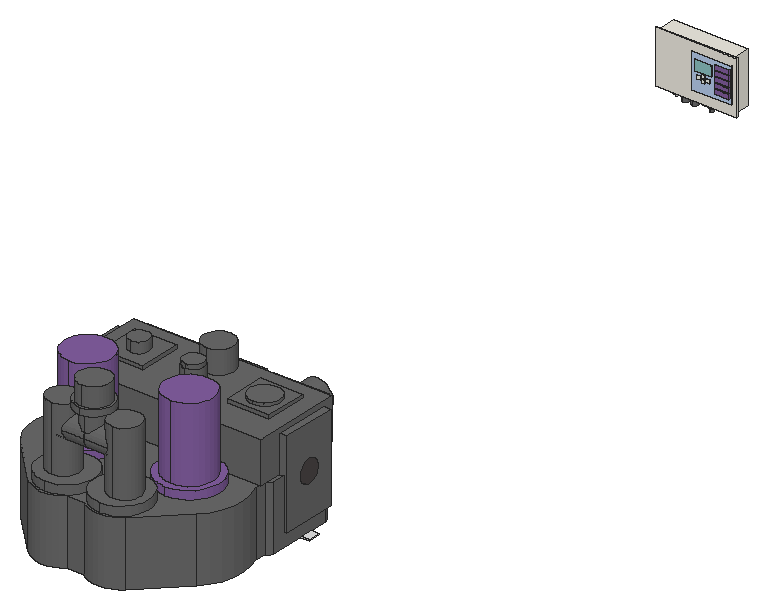
Revit family "11605", category Generic Models, Revit 2021
Family settings
  Can host rebar = No
  Round Connector Dimension = Use Diameter
  Part Type = Normal
  Work Plane-Based = No
  Always vertical = Yes
  Cut with Voids When Loaded = No
  Shared = Yes
  Room Calculation Point = No
Parameters (values of type "11605")
  SUPPLIER = "KESSEL"
  SA700ID50 = "nein"
  SA700ID49 = "Protection Class I"
  SA700ID48 = "no"
  SA700ID47 = "no"
  SA700ID46 = "yes"
  SA700ID37 = 7000 mm
  SA700ID34 = 38
  SA700ID33 = 1.6 W
  SA700ID32 = 58.83 kg
  SA700ID31 = 1
  SA700ID30 = 2
  SA700ID29 = "RWDR"
  SA700ID21 = 700
  SA700ID10 = "No"
  SA700ID08 = 230 V
  PROCUREWEBLINK = "https://p.caden.as/kessel/11605"
  PROCURELINK = "p.caden.as/kessel/11605"
  PROCUREDATALASTUPDATE = "2024-05-22T12:17:39.42912391+01:00"
  PRC_SPECIFICATIONLINK = "https://ausschreiben.de/catalog/kessel/catalogItem/cf7241c0-7705-4077-83ba-ad6c939155d5"
  NN = "Lifting station Aqualift F"
  NBSYN = "$SA810ID03."
  NB = "11605"
  Model = "11605"
  Manufacturer = "KESSEL"
  MIdent = "{$CADENAS_DATA/23d-libs/kessel/kessel_vdi_import/4/entwaesserung/hebeanlage20aqualift20f.prj},198 {STYP=ASS},{VTYP=3D},{NB=11605},{LINA=11605},{NN=Lifting station Aqualift F},{DATE=21.11.2022 10:45:45},{GEOMDATE=21.11.2022 10:45:45},{VERSION=},{LINEID=130},{WBVAR=LODLEVEL},{WBNUMERIC=LODLEVEL}  {NB=11605},{LINA=11605},{KT=DUMMY},{PREVIEW=../../bilder/ksb_w_11605.png},{SA700ID04=Hebeanlage Aqualift F Duo, Comfort, SPF 1400-S1},{SA810ID06=04026092071038},{SA700ID34=38.00},{SA010ID03=201805},{SA810ID03=11605},{SA810ID10=Die Hebeanlage für fäkalienhaltiges und fäkalienfreies Abwasser ist mit zwei überflutbaren Pumpen sowie einem Rückflussverhinderer ausgestattet. Der Sammelbehälter aus dauerhaft beständigem Kunststoff (PE) bietet universale Anschlussmöglichkeiten und hat eine verschraubte Reinigungsöffnung.Die Steuerung erfolgt durch ein anwenderfreundliches Schaltgerät, das optional über einen potentialfreien Kontakt in die Gebäudeleittechnik eingebunden werden oder Alarm- und Sammelstörmeldungen über eine GSM-Schnittstelle (Comfort Schaltgerät) ausgeben kann.Ausführung:Absperreinrichtung: ohne SchieberAnlagenart: DoppelanlagePumpensteuerung: SchaltgerätRückflussverhinderer: integriertSchalldämmmatte: jaEinbausituation: freie AufstellungAbwasserart: fäkalienhaltigAllgemeine Merkmale:Farbe: schwarzNorm: EN 12050-1Abmessungen:Länge: 773 mmBreite: 780 mmHöhe: 539 mmBehälter/Grundkörper:Zulauf Anzahl: 2 STZulauf Nennweite (DN): 100 mmZulauf Nennweite (DA): 110 mmZulauf max. Anbohrung (DN): 150 mmAbstand Rohrsohle Zulauf zu Behälterboden: 245 mmAbstand Rohrmitte Zulauf zu Behälterboden: 300 mmAnschluss für Handmembranpumpe (DN): 32Behältervolumen: 120 lDruckabgang: senkrechtDruckabgang (DA): 110 mmDruckabgang (DN): 100 mmEntlüftungsanschluss (DN): 70 mmNutzvolumen: 50 lFreier Kugeldurchgang: 40 mmFördereinrichtung:Pumpe: SPF 1400Anzahl Pumpen: 2Förderhöhe max.: 7 mFörderleistung max.: 38 m3/hBetriebsart: S1Leistung P1: 1,6 kWLeistung P2: 1,1 kWDrehzahl: 1.420 U/minFörderguttemperatur (dauerhaft) max.: 40 °CAnschlusstyp: codierter SteckerGewicht: 28 kgLaufrad Typ: FreistromradLänge Netzanschlussleitung Pumpe: 5 mNennstrom: 7,3 ASchutzart Pumpe: IP 68 (3m/48h)Schutzklasse: ITyp Anschlussleitung Pumpe: H07RN-F 3G 1,0 mm2Temperaturüberwachung: integriertSteuerung:Schaltgerät: ComfortBetriebsspannung: 230 VNetzfrequenz: 50 HzSelbstdiagnosesystem (SDS): jaBatteriepufferung: jaMehrzeilige Displayanzeige: jaLogbuchfunktion: jaUSB-Schnittstelle: jaGSM-Schnittstelle: jaPotentialfreier Kontakt: optionalErforderliche Absicherung (Leitungsschutz): C 16 ASchutzart Schaltgerät: IP 54Länge Netzanschlussleitung Schaltgerät: 1,4 mArt Niveauerfassung: pneumatischInstrument Niveauerfassung: Tauchrohr mit DruckwächterAlarmgeber: Tauchrohr},{SA700ID37=7.00},{SA700ID33=1.60},{SA700ID08=230},{SA700ID30=2},{SA700ID32=58.83},{SA700ID49=Schutzklasse I},{SA700ID50=nein},{SA200ID03=6},{SA250ID03=vertikal},{SA260ID03=Trockenläuferpumpe},{SA350ID03=normalansaugend},{SA400ID03=E-Motor für Wechselstrom},{SA460ID03=direkt},{SA500ID03=Kunststoff, Edelstahl},{SA700ID06=100},{SA700ID07=100},{SA700ID09=1/N/PE 230V},{SA700ID10=Nein},{SA700ID11=50},{SA700ID12=IP 68},{SA700ID13=F},{SA700ID15=40},{SA700ID21=700.00},{SA700ID22=1.10},{SA700ID23=1420},{SA700ID24=1420},{SA700ID26=7.30},{SA700ID27=23.00},{SA700ID28=durchgehend},{SA700ID29=RWDR},{SA700ID31=1},{SA700ID46=ja},{SA700ID47=nein},{SA700ID48=nein},{SA110ID04=Hebeanlage Aqualift F},{SA300ID03=einstufig},{SA700ID44=10.00},{SA700ID45=10.00},{SA010ID04=KESSEL AG},{LODLEVEL=200},{LINK=https://www.kessel.de/info?han=11605},{SA970ID01=970},{SA970ID02=7036},{SA970ID03=11605},{SA970ID04=11002617},{SA970ID05=QUAD},{SA970ID06=-410},{SA970ID07=-678},{SA970ID08=0},{SA970ID09=1},{SA970ID10=0},{SA970ID11=0},{SA970ID12=0},{SA970ID13=1},{SA970ID14=0},{SA970ID15=819.98999},{SA970ID16=843},{SA970ID17=600},{LODLEVEL_=200,'Low'},{LODLEVEL_DEU=200,'Low'},{LINK_=https://www.kessel.de/info?han=11605},{LINK_DEU=https://www.kessel.de/info?han=11605},{LODLEVEL_3DB=11605_200},{DNIN1=100},{DNIN2=70},{DNIN3=10},{DNIN4=10},{DNIN5=10},{DNIN6=50},{DNIN7=50},{DNIN8=50},{DNIN9=50},{DNOUT1=100},{DNOUT2=70},{DNOUT3=32},{ISDIN1=75},{ISDIN2=83.200},{ISDIN3=10},{ISDOUT1=70.000},{ISDOUT2=73.200},{ISDOUT3=75},{SA010ID01=010},{SA010ID02=4},{SA010ID06=www.kessel.de},{SA010ID07=www.kessel.de},{SA010ID12=20180713},{SA010ID13=DEU},{SA010ID14=DE},{SA100ID01=100},{SA100ID02=4},{SA100ID04=Entwässerung},{SA110ID01=110},{SA110ID02=4},{SA200ID01=200},{SA200ID02=6},{SA250ID01=250},{SA250ID02=2},{SA260ID01=260},{SA260ID02=2},{SA300ID01=300},{SA300ID02=1},{SA350ID01=350},{SA350ID02=1},{SA400ID01=400},{SA400ID02=1},{SA460ID01=460},{SA460ID02=1},{SA500ID01=500},{SA500ID02=1},{SA700ID01=700},{SA700ID02=6},{SA700ID10_=0},{SA700ID16=0},{SA700ID25=0},{SA700ID46_=1},{SA700ID47_=0},{SA700ID48_=0},{SA700ID49_=1},{SA700ID50_=0},{SA800ID01=800},{SA800ID02=6},{SA810ID01=810},{SA810ID02=6},{SA810ID04=11605},{SA810ID07=6},{SA810ID09=1},{SA810ID14=PCE},{SA810ID15=1},{SA810ID16=NMP},{SA960ID03=6},{SA960ID04=3L},{SA960ID08=https://www.kessel.de/info?han=11605},{SA010ID08=4026092000007},{SA100ID05=Hebeanlage},{SA110ID06=Hebeanlage}"
  LINK = "https://www.kessel.de/info?han=11605"
  LINA = "11605"
  Default Elevation = 0 mm
  CREATOR = "CADENAS GmbH"
  CATALOG = "KESSEL"
  BOMINFO = "LINA"
  ARTICLENO = "NB"
  4.810.00.9 Order quantity (multiplicator) = "1"
  4.810.00.7 Media- connection number = "6"
  4.810.00.6 GTIN number = "04026092071038"
  4.810.00.4 DATANORM number = "11605"
  4.810.00.3 Producer order number = "11605"
  4.710.03.7 Mass (net) = 58.83 kg
  4.710.03.6 Height = 539 mm
  4.710.03.5 Width = 780 mm
  4.710.03.4 Length = 773 mm
  4.710.03.3 Type of dimensions = "2"
  4.710.02.8 Area of application of wastewater pump = "1"
  4.710.02.6 Duty type = "S1"
  4.710.02.5 Cutting device = "0"
  4.710.02.4 Attached pump control = "1"
  4.710.02.3 Free passage = 40 mm
  4.710.01.6 Option to connect to building automation = "40"
  4.710.01.5 Load regulation = "0"
  4.710.01.4 Designation of closed-loop control = "50"
  4.710.01.3 Identifier for closed-loop control = "120"
  4.700.00.9 Voltage = 0
  4.700.00.8 Nominal connection size on suction side = "100"
  4.700.00.7 Nominal connection size on pressure side = "100"
  4.700.00.6 Type of connection = "100"
  4.700.00.4 Product indentification = "Hebeanlage Aqualift F Duo, Comfort, SPF 1400-S1"
  4.700.00.28 Motor pump shaft = "durchgehend"
  4.700.00.27 Starting current = 23
  4.700.00.26 Maximum power consumption per pump / drive = 7.3
  4.700.00.25 Minimum speed at internal speed adjustment = 0
  4.700.00.24 Nominal speed / maximum speed n = 23.6667
  4.700.00.23 Nominal speed of motor = 23.6667
  4.700.00.22 Maximum shaft output (P2) per pump/drive = 1.1 W
  4.700.00.16 Maximum temperature of pumped medium = 0 °C
  4.700.00.15 Increased safety class = "40 °C"
  4.700.00.13 Type of protection = "F"
  4.700.00.12 Frequency = 0
  4.700.00.11 Stern-/Dreieck-Anlaufschaltung bei Dreiphasenanschluss oder Drehstrom = "50 Hz"
  4.700.00.10 Phase = "0"
  4.500.00.3 Variant / Variant type / Accessories-name = "Kunststoff, Edelstahl"
  4.460.00.3 Variant / Variant type / Accessories-name = "direkt"
  4.400.00.3 Variant / Variant type / Accessories-name = "E-Motor für Wechselstrom"
  4.350.00.3 Variant / Variant type / Accessories-name = "normalansaugend"
  4.300.00.3 Variant / Variant type / Accessories-name = "einstufig"
  4.260.00.3 Variant / Variant type / Accessories-name = "Trockenläuferpumpe"
  4.250.00.3 Variant / Variant type / Accessories-name = "vertikal"
  4.200.00.3 Variant / Variant type / Accessories-name = "6"
  4.110.00.6 Product classification = "Hebeanlage"
  4.110.00.4 Product indentification = "Hebeanlage Aqualift F"
  4.100.00.5 Main groups of wares = "Hebeanlage"
  4.100.00.4 Product indentification = "Entwässerung"
  4.010.00.8 Producer ID number = "4026092000007"
  4.010.00.7 Comment = "www.kessel.de"
  4.010.00.6 Web address of the manufacturer = "www.kessel.de"
  4.010.00.4 Manufacturer name = "KESSEL AG"
  4.010.00.3 Date of issuance (month) of guideline = "201805"
  4.010.00.2 Sheet number of the guideline = "4"
  4.010.00.14 Kennungen der Projektländer, für die die Datei gültig ist = "DE"
  4.010.00.13 Sprache der Datei = "DEU"
  4.010.00.12 Stand des Herstellerkatalogs = "20180713"
Reference planes
  plane 1 "Center (Front/Back)": y = 0
  plane 2: z = 0
  plane 3 "Center (Left/Right)": x = 0
Dimensions and locks
  aligned and locked: level to plane 2
Nested families
  nested 1: "11605_content" at (0, 0, 0), type "11605_Content"
  nested 2: "11605_part1_X0Y0" at (1000, 1000, 1200), type "11605_PART1_X0Y0"
  nested 3: "11605_part2_X0Y0" at (0, 0, 0), type "11605_PART2_X0Y0"
Connectors
  electrical at (896, 972.5, 1160.5)
    settings: on nested 2, index 1, voltage 230 V, apparent load 0 VA, apparent load phase1 0 VA, apparent load phase2 0 VA, apparent load phase3 0 VA, power factor 1, load classification "Other", number of poles 3, system type 31, power factor state 1, is connector primary yes, connector utility no, sub classification motor no, connector description ""
  electrical at (930, 972.5, 1157.9)
    settings: on nested 2, index 2, voltage 0 V, apparent load 0 VA, apparent load phase1 0 VA, apparent load phase2 0 VA, apparent load phase3 0 VA, power factor 1, load classification "Other", number of poles 1, system type 31, power factor state 1, is connector primary no, connector utility no, sub classification motor no, connector description ""
  electrical at (964, 972.5, 1157.9)
    settings: on nested 2, index 3, voltage 0 V, apparent load 0 VA, apparent load phase1 0 VA, apparent load phase2 0 VA, apparent load phase3 0 VA, power factor 1, load classification "Other", number of poles 1, system type 31, power factor state 1, is connector primary no, connector utility no, sub classification motor no, connector description ""
  electrical at (1002, 972.5, 1170.2)
    settings: on nested 2, index 4, voltage 0 V, apparent load 0 VA, apparent load phase1 0 VA, apparent load phase2 0 VA, apparent load phase3 0 VA, power factor 1, load classification "Other", number of poles 1, system type 31, power factor state 1, is connector primary no, connector utility no, sub classification motor no, connector description ""
  electrical at (1026, 972.5, 1155.55)
    settings: on nested 2, index 5, voltage 0 V, apparent load 0 VA, apparent load phase1 0 VA, apparent load phase2 0 VA, apparent load phase3 0 VA, power factor 1, load classification "Other", number of poles 1, system type 31, power factor state 1, is connector primary no, connector utility no, sub classification motor no, connector description ""
  electrical at (1054, 972.5, 1198.5)
    settings: on nested 2, index 6, voltage 0 V, apparent load 0 VA, apparent load phase1 0 VA, apparent load phase2 0 VA, apparent load phase3 0 VA, power factor 1, load classification "Other", number of poles 1, system type 31, power factor state 1, is connector primary no, connector utility no, sub classification motor no, connector description ""
  electrical at (1082, 972.5, 1198.5)
    settings: on nested 2, index 7, voltage 0 V, apparent load 0 VA, apparent load phase1 0 VA, apparent load phase2 0 VA, apparent load phase3 0 VA, power factor 1, load classification "Other", number of poles 1, system type 31, power factor state 1, is connector primary no, connector utility no, sub classification motor no, connector description ""
  piping at (230, 164.99, 301), diameter 100
    settings: on nested 3, index 8, connector inside diameter 609.6 mm, connector length 0 mm, flow factor 0, pipe flow 0.0 L/s, pressure drop 0.0 Pa, fitting loss kfactor 0, connector angle 0.00°, fixture units 0, engagement length 0 mm, angle of deflection 0.00°, flow configuration 0, flow direction 1, fitting loss method 2, system type 29, joint type 0, gender type 0, connector reference index -1, connector utility 0, adjustable connector no, is connector primary yes, connector description ""
  piping at (0, 0, 471), diameter 100
    settings: on nested 3, index 9, connector inside diameter 609.6 mm, connector length 0 mm, flow factor 0, pipe flow 0.0 L/s, pressure drop 0.0 Pa, fitting loss kfactor 0, connector angle 0.00°, fixture units 0, engagement length 0 mm, angle of deflection 0.00°, flow configuration 0, flow direction 1, fitting loss method 2, system type 29, joint type 0, gender type 0, connector reference index -1, connector utility 0, adjustable connector no, is connector primary no, connector description ""
  piping at (391.5, -74.999, 214), diameter 70
    settings: on nested 3, index 10, connector inside diameter 609.6 mm, connector length 0 mm, flow factor 0, pipe flow 0.0 L/s, pressure drop 0.0 Pa, fitting loss kfactor 0, connector angle 0.00°, fixture units 0, engagement length 0 mm, angle of deflection 0.00°, flow configuration 0, flow direction 0, fitting loss method 2, system type 29, joint type 0, gender type 0, connector reference index -1, connector utility 0, adjustable connector no, is connector primary no, connector description ""
  piping at (0.999, 96.5, 214), diameter 70
    settings: on nested 3, index 11, connector inside diameter 609.6 mm, connector length 0 mm, flow factor 0, pipe flow 0.0 L/s, pressure drop 0.0 Pa, fitting loss kfactor 0, connector angle 0.00°, fixture units 0, engagement length 0 mm, angle of deflection 0.00°, flow configuration 0, flow direction 0, fitting loss method 2, system type 29, joint type 0, gender type 0, connector reference index -1, connector utility 0, adjustable connector no, is connector primary no, connector description ""
  piping at (-230.25, 91.49, 214), diameter 70
    settings: on nested 3, index 12, connector inside diameter 609.6 mm, connector length 0 mm, flow factor 0, pipe flow 0.0 L/s, pressure drop 0.0 Pa, fitting loss kfactor 0, connector angle 0.00°, fixture units 0, engagement length 0 mm, angle of deflection 0.00°, flow configuration 0, flow direction 0, fitting loss method 2, system type 29, joint type 0, gender type 0, connector reference index -1, connector utility 0, adjustable connector no, is connector primary no, connector description ""
  piping at (-391.5, -75, 214), diameter 70
    settings: on nested 3, index 13, connector inside diameter 609.6 mm, connector length 0 mm, flow factor 0, pipe flow 0.0 L/s, pressure drop 0.0 Pa, fitting loss kfactor 0, connector angle 0.00°, fixture units 0, engagement length 0 mm, angle of deflection 0.00°, flow configuration 0, flow direction 0, fitting loss method 2, system type 29, joint type 0, gender type 0, connector reference index -1, connector utility 0, adjustable connector no, is connector primary no, connector description ""
  piping at (0, -568, 600), diameter 100
    settings: on nested 3, index 14, connector inside diameter 609.6 mm, connector length 0 mm, flow factor 0, pipe flow 0.0 L/s, pressure drop 0.0 Pa, fitting loss kfactor 0, connector angle 0.00°, fixture units 0, engagement length 0 mm, angle of deflection 0.00°, flow configuration 0, flow direction 2, fitting loss method 2, system type 29, joint type 0, gender type 0, connector reference index -1, connector utility 0, adjustable connector no, is connector primary no, connector description ""
  piping at (230, 164.99, 81.07), diameter 32
    settings: on nested 3, index 15, connector inside diameter 609.6 mm, connector length 0 mm, flow factor 0, pipe flow 0.0 L/s, pressure drop 0.0 Pa, fitting loss kfactor 0, connector angle 0.00°, fixture units 0, engagement length 0 mm, angle of deflection 0.00°, flow configuration 0, flow direction 2, fitting loss method 2, system type 29, joint type 0, gender type 0, connector reference index -1, connector utility 0, adjustable connector no, is connector primary no, connector description ""
  piping at (0, -115, 460.8), diameter 70
    settings: on nested 3, index 16, connector inside diameter 609.6 mm, connector length 0 mm, flow factor 0, pipe flow 0.0 L/s, pressure drop 0.0 Pa, fitting loss kfactor 0, connector angle 0.00°, fixture units 0, engagement length 0 mm, angle of deflection 0.00°, flow configuration 0, flow direction 2, fitting loss method 2, system type 29, joint type 0, gender type 0, connector reference index -1, connector utility 0, adjustable connector no, is connector primary no, connector description ""
  electrical at (185, -365, 537)
    settings: on nested 3, index 17, voltage 0 V, apparent load 0 VA, apparent load phase1 0 VA, apparent load phase2 0 VA, apparent load phase3 0 VA, power factor 1, load classification "Other", number of poles 1, system type 31, power factor state 1, is connector primary no, connector utility no, sub classification motor no, connector description ""
  electrical at (-185, -364.75, 537)
    settings: on nested 3, index 18, voltage 0 V, apparent load 0 VA, apparent load phase1 0 VA, apparent load phase2 0 VA, apparent load phase3 0 VA, power factor 1, load classification "Other", number of poles 1, system type 31, power factor state 1, is connector primary no, connector utility no, sub classification motor no, connector description ""
  electrical at (-230.6, -74.8, 436.49)
    settings: on nested 3, index 19, voltage 0 V, apparent load 0 VA, apparent load phase1 0 VA, apparent load phase2 0 VA, apparent load phase3 0 VA, power factor 1, load classification "Other", number of poles 1, system type 31, power factor state 1, is connector primary no, connector utility no, sub classification motor no, connector description ""
Definition of nested family "11605_part1_X0Y0"
  Parameters (values of type "11605_PART1_X0Y0")
    SUPPLIER = "KESSEL"
    SA700ID50 = "nein"
    SA700ID49 = "Protection Class I"
    SA700ID48 = "no"
    SA700ID47 = "no"
    SA700ID46 = "yes"
    SA700ID37 = 7000 mm
    SA700ID34 = 38
    SA700ID33 = 1.6 W
    SA700ID32 = 58.83 kg
    SA700ID31 = 1
    SA700ID30 = 2
    SA700ID29 = "RWDR"
    SA700ID21 = 700
    SA700ID10 = "No"
    SA700ID08 = 230 V
    NBSYN = "$SA810ID03._PART1"
    NB = "11605_PART1"
    Model = "11605_PART1"
    Manufacturer = "KESSEL"
    MIdent = "{$CADENAS_DATA/23d-libs/kessel/kessel_vdi_import/4/entwaesserung/hebeanlage20aqualift20f.prj},218 {VTYP=3D},{NB=11605_PART1},{LINA=11605_PART1},{NN=Lifting station Aqualift F_PART1},{NOPRJ=TRUE},{DATE=21.11.2022 10:45:45},{GEOMDATE=21.11.2022 10:45:45},{VERSION=},{LINEID=130},{WBVAR=LODLEVEL},{WBNUMERIC=LODLEVEL}  {NB=11605_PART1},{LINA=11605_PART1},{KT=DUMMY},{PREVIEW=../../bilder/ksb_w_11605.png},{SA700ID04=Hebeanlage Aqualift F Duo, Comfort, SPF 1400-S1},{SA810ID06=04026092071038},{SA700ID34=38.00},{SA010ID03=201805},{SA810ID03=11605},{SA810ID10=Die Hebeanlage für fäkalienhaltiges und fäkalienfreies Abwasser ist mit zwei überflutbaren Pumpen sowie einem Rückflussverhinderer ausgestattet. Der Sammelbehälter aus dauerhaft beständigem Kunststoff (PE) bietet universale Anschlussmöglichkeiten und hat eine verschraubte Reinigungsöffnung.Die Steuerung erfolgt durch ein anwenderfreundliches Schaltgerät, das optional über einen potentialfreien Kontakt in die Gebäudeleittechnik eingebunden werden oder Alarm- und Sammelstörmeldungen über eine GSM-Schnittstelle (Comfort Schaltgerät) ausgeben kann.Ausführung:Absperreinrichtung: ohne SchieberAnlagenart: DoppelanlagePumpensteuerung: SchaltgerätRückflussverhinderer: integriertSchalldämmmatte: jaEinbausituation: freie AufstellungAbwasserart: fäkalienhaltigAllgemeine Merkmale:Farbe: schwarzNorm: EN 12050-1Abmessungen:Länge: 773 mmBreite: 780 mmHöhe: 539 mmBehälter/Grundkörper:Zulauf Anzahl: 2 STZulauf Nennweite (DN): 100 mmZulauf Nennweite (DA): 110 mmZulauf max. Anbohrung (DN): 150 mmAbstand Rohrsohle Zulauf zu Behälterboden: 245 mmAbstand Rohrmitte Zulauf zu Behälterboden: 300 mmAnschluss für Handmembranpumpe (DN): 32Behältervolumen: 120 lDruckabgang: senkrechtDruckabgang (DA): 110 mmDruckabgang (DN): 100 mmEntlüftungsanschluss (DN): 70 mmNutzvolumen: 50 lFreier Kugeldurchgang: 40 mmFördereinrichtung:Pumpe: SPF 1400Anzahl Pumpen: 2Förderhöhe max.: 7 mFörderleistung max.: 38 m3/hBetriebsart: S1Leistung P1: 1,6 kWLeistung P2: 1,1 kWDrehzahl: 1.420 U/minFörderguttemperatur (dauerhaft) max.: 40 °CAnschlusstyp: codierter SteckerGewicht: 28 kgLaufrad Typ: FreistromradLänge Netzanschlussleitung Pumpe: 5 mNennstrom: 7,3 ASchutzart Pumpe: IP 68 (3m/48h)Schutzklasse: ITyp Anschlussleitung Pumpe: H07RN-F 3G 1,0 mm2Temperaturüberwachung: integriertSteuerung:Schaltgerät: ComfortBetriebsspannung: 230 VNetzfrequenz: 50 HzSelbstdiagnosesystem (SDS): jaBatteriepufferung: jaMehrzeilige Displayanzeige: jaLogbuchfunktion: jaUSB-Schnittstelle: jaGSM-Schnittstelle: jaPotentialfreier Kontakt: optionalErforderliche Absicherung (Leitungsschutz): C 16 ASchutzart Schaltgerät: IP 54Länge Netzanschlussleitung Schaltgerät: 1,4 mArt Niveauerfassung: pneumatischInstrument Niveauerfassung: Tauchrohr mit DruckwächterAlarmgeber: Tauchrohr},{SA700ID37=7.00},{SA700ID33=1.60},{SA700ID08=230},{SA700ID30=2},{SA700ID32=58.83},{SA700ID49=Schutzklasse I},{SA700ID50=nein},{SA200ID03=6},{SA250ID03=vertikal},{SA260ID03=Trockenläuferpumpe},{SA350ID03=normalansaugend},{SA400ID03=E-Motor für Wechselstrom},{SA460ID03=direkt},{SA500ID03=Kunststoff, Edelstahl},{SA700ID06=100},{SA700ID07=100},{SA700ID09=1/N/PE 230V},{SA700ID10=Nein},{SA700ID11=50},{SA700ID12=IP 68},{SA700ID13=F},{SA700ID15=40},{SA700ID21=700.00},{SA700ID22=1.10},{SA700ID23=1420},{SA700ID24=1420},{SA700ID26=7.30},{SA700ID27=23.00},{SA700ID28=durchgehend},{SA700ID29=RWDR},{SA700ID31=1},{SA700ID46=ja},{SA700ID47=nein},{SA700ID48=nein},{SA110ID04=Hebeanlage Aqualift F},{SA300ID03=einstufig},{SA700ID44=10.00},{SA700ID45=10.00},{SA010ID04=KESSEL AG},{LODLEVEL=200},{LINK=https://www.kessel.de/info?han=11605},{SA970ID01=970},{SA970ID02=7036},{SA970ID03=11605},{SA970ID04=11002617},{SA970ID05=QUAD},{SA970ID06=-410},{SA970ID07=-678},{SA970ID08=0},{SA970ID09=1},{SA970ID10=0},{SA970ID11=0},{SA970ID12=0},{SA970ID13=1},{SA970ID14=0},{SA970ID15=819.98999},{SA970ID16=843},{SA970ID17=600},{LODLEVEL_=200,'Low'},{LODLEVEL_DEU=200,'Low'},{LINK_=https://www.kessel.de/info?han=11605},{LINK_DEU=https://www.kessel.de/info?han=11605},{LODLEVEL_3DB=11605_200},{DNIN1=100},{DNIN2=70},{DNIN3=10},{DNIN4=10},{DNIN5=10},{DNIN6=50},{DNIN7=50},{DNIN8=50},{DNIN9=50},{DNOUT1=100},{DNOUT2=70},{DNOUT3=32},{ISDIN1=75},{ISDIN2=83.200},{ISDIN3=10},{ISDOUT1=70.000},{ISDOUT2=73.200},{ISDOUT3=75},{SA010ID01=010},{SA010ID02=4},{SA010ID06=www.kessel.de},{SA010ID07=www.kessel.de},{SA010ID12=20180713},{SA010ID13=DEU},{SA010ID14=DE},{SA100ID01=100},{SA100ID02=4},{SA100ID04=Entwässerung},{SA110ID01=110},{SA110ID02=4},{SA200ID01=200},{SA200ID02=6},{SA250ID01=250},{SA250ID02=2},{SA260ID01=260},{SA260ID02=2},{SA300ID01=300},{SA300ID02=1},{SA350ID01=350},{SA350ID02=1},{SA400ID01=400},{SA400ID02=1},{SA460ID01=460},{SA460ID02=1},{SA500ID01=500},{SA500ID02=1},{SA700ID01=700},{SA700ID02=6},{SA700ID10_=0},{SA700ID16=0},{SA700ID25=0},{SA700ID46_=1},{SA700ID47_=0},{SA700ID48_=0},{SA700ID49_=1},{SA700ID50_=0},{SA800ID01=800},{SA800ID02=6},{SA810ID01=810},{SA810ID02=6},{SA810ID04=11605},{SA810ID07=6},{SA810ID09=1},{SA810ID14=PCE},{SA810ID15=1},{SA810ID16=NMP},{SA960ID03=6},{SA960ID04=3L},{SA960ID08=https://www.kessel.de/info?han=11605},{SA010ID08=4026092000007},{SA100ID05=Hebeanlage},{SA110ID06=Hebeanlage}"
    LINK = "https://www.kessel.de/info?han=11605"
    LINA = "11605_PART1"
    Default Elevation = 1219.2 mm
    CREATOR = "CADENAS GmbH"
    CATALOG = "KESSEL"
    BOMINFO = "LINA"
    ARTICLENO = "NB"
    4.810.00.9 Order quantity (multiplicator) = "1"
    4.810.00.7 Media- connection number = "6"
    4.810.00.6 GTIN number = "04026092071038"
    4.810.00.4 DATANORM number = "11605"
    4.810.00.3 Producer order number = "11605"
    4.710.03.7 Mass (net) = 58.83 kg
    4.710.03.6 Height = 539 mm
    4.710.03.5 Width = 780 mm
    4.710.03.4 Length = 773 mm
    4.710.03.3 Type of dimensions = "2"
    4.710.02.8 Area of application of wastewater pump = "1"
    4.710.02.6 Duty type = "S1"
    4.710.02.5 Cutting device = "0"
    4.710.02.4 Attached pump control = "1"
    4.710.02.3 Free passage = 40 mm
    4.710.01.6 Option to connect to building automation = "40"
    4.710.01.5 Load regulation = "0"
    4.710.01.4 Designation of closed-loop control = "50"
    4.710.01.3 Identifier for closed-loop control = "120"
    4.700.00.9 Voltage = 0
    4.700.00.8 Nominal connection size on suction side = "100"
    4.700.00.7 Nominal connection size on pressure side = "100"
    4.700.00.6 Type of connection = "100"
    4.700.00.4 Product indentification = "Hebeanlage Aqualift F Duo, Comfort, SPF 1400-S1"
    4.700.00.28 Motor pump shaft = "durchgehend"
    4.700.00.27 Starting current = 23
    4.700.00.26 Maximum power consumption per pump / drive = 7.3
    4.700.00.25 Minimum speed at internal speed adjustment = 0
    4.700.00.24 Nominal speed / maximum speed n = 23.6667
    4.700.00.23 Nominal speed of motor = 23.6667
    4.700.00.22 Maximum shaft output (P2) per pump/drive = 1.1 W
    4.700.00.16 Maximum temperature of pumped medium = 0 °C
    4.700.00.15 Increased safety class = "40 °C"
    4.700.00.13 Type of protection = "F"
    4.700.00.12 Frequency = 0
    4.700.00.11 Stern-/Dreieck-Anlaufschaltung bei Dreiphasenanschluss oder Drehstrom = "50 Hz"
    4.700.00.10 Phase = "0"
    4.500.00.3 Variant / Variant type / Accessories-name = "Kunststoff, Edelstahl"
    4.460.00.3 Variant / Variant type / Accessories-name = "direkt"
    4.400.00.3 Variant / Variant type / Accessories-name = "E-Motor für Wechselstrom"
    4.350.00.3 Variant / Variant type / Accessories-name = "normalansaugend"
    4.300.00.3 Variant / Variant type / Accessories-name = "einstufig"
    4.260.00.3 Variant / Variant type / Accessories-name = "Trockenläuferpumpe"
    4.250.00.3 Variant / Variant type / Accessories-name = "vertikal"
    4.200.00.3 Variant / Variant type / Accessories-name = "6"
    4.110.00.6 Product classification = "Hebeanlage"
    4.110.00.4 Product indentification = "Hebeanlage Aqualift F"
    4.100.00.5 Main groups of wares = "Hebeanlage"
    4.100.00.4 Product indentification = "Entwässerung"
    4.010.00.8 Producer ID number = "4026092000007"
    4.010.00.7 Comment = "www.kessel.de"
    4.010.00.6 Web address of the manufacturer = "www.kessel.de"
    4.010.00.4 Manufacturer name = "KESSEL AG"
    4.010.00.3 Date of issuance (month) of guideline = "201805"
    4.010.00.2 Sheet number of the guideline = "4"
    4.010.00.14 Kennungen der Projektländer, für die die Datei gültig ist = "DE"
    4.010.00.13 Sprache der Datei = "DEU"
    4.010.00.12 Stand des Herstellerkatalogs = "20180713"
  Reference planes
    plane 1 "Center (Front/Back)": y = 0
    plane 2: z = 0
    plane 3 "Center (Left/Right)": x = 0
  Dimensions and locks
    aligned and locked: level to plane 2
  Nested families
    nested 1: "11605_part1_content" at (0, 0, 0), type "11605_PART1_Content"
  Definition of nested family "11605_part1_content"
    Parameters (values of type "11605_PART1_Content")
      SUPPLIER = "KESSEL"
      SA700ID50 = "nein"
      SA700ID49 = "Protection Class I"
      SA700ID48 = "no"
      SA700ID47 = "no"
      SA700ID46 = "yes"
      SA700ID37 = 7000 mm
      SA700ID34 = 38
      SA700ID33 = 1.6 W
      SA700ID32 = 58.83 kg
      SA700ID31 = 1
      SA700ID30 = 2
      SA700ID29 = "RWDR"
      SA700ID21 = 700
      SA700ID10 = "No"
      SA700ID08 = 230 V
      NBSYN = "$SA810ID03._PART1"
      NB = "11605_PART1"
      Model = "11605_PART1"
      Manufacturer = "KESSEL"
      LINK = "https://www.kessel.de/info?han=11605"
      LINA = "11605_PART1"
      Default Elevation = 1219.2 mm
      CREATOR = "CADENAS GmbH"
      CATALOG = "KESSEL"
      BOMINFO = "LINA"
      ARTICLENO = "NB"
      4.810.00.9 Order quantity (multiplicator) = "1"
      4.810.00.7 Media- connection number = "6"
      4.810.00.6 GTIN number = "04026092071038"
      4.810.00.4 DATANORM number = "11605"
      4.810.00.3 Producer order number = "11605"
      4.710.03.7 Mass (net) = 58.83 kg
      4.710.03.6 Height = 539 mm
      4.710.03.5 Width = 780 mm
      4.710.03.4 Length = 773 mm
      4.710.03.3 Type of dimensions = "2"
      4.710.02.8 Area of application of wastewater pump = "1"
      4.710.02.6 Duty type = "S1"
      4.710.02.5 Cutting device = "0"
      4.710.02.4 Attached pump control = "1"
      4.710.02.3 Free passage = 40 mm
      4.710.01.6 Option to connect to building automation = "40"
      4.710.01.5 Load regulation = "0"
      4.710.01.4 Designation of closed-loop control = "50"
      4.710.01.3 Identifier for closed-loop control = "120"
      4.700.00.9 Voltage = 0
      4.700.00.8 Nominal connection size on suction side = "100"
      4.700.00.7 Nominal connection size on pressure side = "100"
      4.700.00.6 Type of connection = "100"
      4.700.00.4 Product indentification = "Hebeanlage Aqualift F Duo, Comfort, SPF 1400-S1"
      4.700.00.28 Motor pump shaft = "durchgehend"
      4.700.00.27 Starting current = 23
      4.700.00.26 Maximum power consumption per pump / drive = 7.3
      4.700.00.25 Minimum speed at internal speed adjustment = 0
      4.700.00.24 Nominal speed / maximum speed n = 23.6667
      4.700.00.23 Nominal speed of motor = 23.6667
      4.700.00.22 Maximum shaft output (P2) per pump/drive = 1.1 W
      4.700.00.16 Maximum temperature of pumped medium = 0 °C
      4.700.00.15 Increased safety class = "40 °C"
      4.700.00.13 Type of protection = "F"
      4.700.00.12 Frequency = 0
      4.700.00.11 Stern-/Dreieck-Anlaufschaltung bei Dreiphasenanschluss oder Drehstrom = "50 Hz"
      4.700.00.10 Phase = "0"
      4.500.00.3 Variant / Variant type / Accessories-name = "Kunststoff, Edelstahl"
      4.460.00.3 Variant / Variant type / Accessories-name = "direkt"
      4.400.00.3 Variant / Variant type / Accessories-name = "E-Motor für Wechselstrom"
      4.350.00.3 Variant / Variant type / Accessories-name = "normalansaugend"
      4.300.00.3 Variant / Variant type / Accessories-name = "einstufig"
      4.260.00.3 Variant / Variant type / Accessories-name = "Trockenläuferpumpe"
      4.250.00.3 Variant / Variant type / Accessories-name = "vertikal"
      4.200.00.3 Variant / Variant type / Accessories-name = "6"
      4.110.00.6 Product classification = "Hebeanlage"
      4.110.00.4 Product indentification = "Hebeanlage Aqualift F"
      4.100.00.5 Main groups of wares = "Hebeanlage"
      4.100.00.4 Product indentification = "Entwässerung"
      4.010.00.8 Producer ID number = "4026092000007"
      4.010.00.7 Comment = "www.kessel.de"
      4.010.00.6 Web address of the manufacturer = "www.kessel.de"
      4.010.00.4 Manufacturer name = "KESSEL AG"
      4.010.00.3 Date of issuance (month) of guideline = "201805"
      4.010.00.2 Sheet number of the guideline = "4"
      4.010.00.14 Kennungen der Projektländer, für die die Datei gültig ist = "DE"
      4.010.00.13 Sprache der Datei = "DEU"
      4.010.00.12 Stand des Herstellerkatalogs = "20180713"
    Reference planes
      plane 1 "Center (Front/Back)": y = 0
      plane 2: z = 0
      plane 3 "Center (Left/Right)": x = 0
    Forms (mm)
      Extrusion 1, solid, detail levels medium+fine
        sketch origin (49.8, -68, 72.1) x (0, -1, 0) y (0, 0, 1)
          loop
            line (-0.5, 12) -> (-0.5, 0) -> (1, 0) -> (1, 12) -> (-0.5, 12)
        from 0 to 12
      Extrusion 2, solid, detail levels medium+fine
        sketch origin (129.3, -67, 28.2) x (0, -1, 0) y (0, 0, 1)
          loop
            line (-0.5, 127) -> (-0.5, 0) -> (1, 0) -> (1, 127) -> (-0.5, 127)
        from 0 to 146
      Extrusion 3, solid, detail levels medium+fine
        sketch origin (33.3, -68, 80.45) x (0, -1, 0) y (0, 0, 1)
          loop
            line (-0.5, 12) -> (-0.5, 0) -> (1, 0) -> (1, 12) -> (-0.5, 12)
        from 0 to 12
      Extrusion 4, solid, detail levels medium+fine
        sketch origin (33.3, -68, 63.95) x (0, -1, 0) y (0, 0, 1)
          loop
            line (-0.5, 12) -> (-0.5, 0) -> (1, 0) -> (1, 12) -> (-0.5, 12)
        from 0 to 12
      Extrusion 5, solid, detail levels medium+fine
        sketch origin (56.3, -68, 95.45) x (0, -1, 0) y (0, 0, 1)
          loop
            line (-0.5, 37) -> (-0.5, 0) -> (1, 0) -> (1, 37) -> (-0.5, 37)
        from 0 to 60
      Extrusion 6, solid, detail levels medium+fine
        sketch origin (121.8, -68, 85.7) x (0, -1, 0) y (0, 0, 1)
          loop
            line (0, 16) -> (0, 0) -> (2, 0) -> (2, 16) -> (0, 16)
        from 0 to 51
      Extrusion 7, solid, detail levels medium+fine
        sketch origin (121.8, -68, 65.7) x (0, -1, 0) y (0, 0, 1)
          loop
            line (0, 16) -> (0, 0) -> (2, 0) -> (2, 16) -> (0, 16)
        from 0 to 51
      Extrusion 8, solid, detail levels medium+fine
        sketch origin (121.8, -68, 105.7) x (0, -1, 0) y (0, 0, 1)
          loop
            line (0, 16) -> (0, 0) -> (2, 0) -> (2, 16) -> (0, 16)
        from 0 to 51
      Extrusion 9, solid, detail levels medium+fine
        sketch origin (16.8, -68, 72.2) x (0, -1, 0) y (0, 0, 1)
          loop
            line (-0.5, 12) -> (-0.5, 0) -> (1, 0) -> (1, 12) -> (-0.5, 12)
        from 0 to 12
      Extrusion 10, solid, detail levels medium+fine
        sketch origin (121.8, -68, 45.7) x (0, -1, 0) y (0, 0, 1)
          loop
            line (0, 16) -> (0, 0) -> (2, 0) -> (2, 16) -> (0, 16)
        from 0 to 51
      Extrusion 11, solid, detail levels medium+fine
        sketch origin (147, -63.5, -7) x (0, -1, 0) y (0, 0, 1)
          loop
            line (0, 194) -> (0, 0) -> (3.5, 0) -> (3.5, 194) -> (0, 194)
        from 0 to 294
      Extrusion 12, solid, detail levels medium+fine
        sketch origin (136.25, 0, 0) x (0, -1, 0) y (0, 0, 1)
          loop
            line (0, 184) -> (0, 0) -> (63.5, 0) -> (63.5, 184) -> (0, 184)
        from 0 to 272.5
      Extrusion 13, solid, detail levels medium+fine
        sketch origin (121.75, -68, 125.75) x (0, -1, 0) y (0, 0, 1)
          loop
            line (0, 16) -> (0, 0) -> (2, 0) -> (2, 16) -> (0, 16)
        from 0 to 51
      Extrusion 14, solid, detail levels medium+fine
        sketch origin (26, -27.5, 0) x (1, 0, 0) y (0, -1, 0)
          loop
            circle (0, 0) r 11
        from 0 to 11
      Extrusion 15, solid, detail levels medium+fine
        sketch origin (26, -27.5, -11) x (1, 0, 0) y (0, -1, 0)
          loop
            circle (0, 0) r 11
        from 0 to 19.8
      Extrusion 16, solid, detail levels medium+fine
        sketch origin (26, -27.5, -30.7) x (1, 0, 0) y (0, -1, 0)
          loop
            circle (0, 0) r 6
        from 0 to 13.75
      Extrusion 17, solid, detail levels medium+fine
        sketch origin (2, -27.5, 0) x (1, 0, 0) y (0, -1, 0)
          loop
            circle (0, 0) r 11
        from 0 to 20
      Extrusion 18, solid, detail levels medium+fine
        sketch origin (2, -27.5, -20) x (1, 0, 0) y (0, -1, 0)
          loop
            circle (0, 0) r 8.65
        from 0 to 9.8
      Extrusion 19, solid, detail levels medium+fine
        sketch origin (-36, -27.5, 0) x (1, 0, 0) y (0, -1, 0)
          loop
            circle (0, 0) r 12
        from 0 to 15
      Extrusion 20, solid, detail levels medium+fine
        sketch origin (-36, -27.5, -15) x (1, 0, 0) y (0, -1, 0)
          loop
            circle (0, 0) r 11.75
        from 0 to 27.1
      Extrusion 21, solid, detail levels medium+fine
        sketch origin (54, -27.5, 0) x (1, 0, 0) y (0, -1, 0)
          loop
            circle (0, 0) r 10
        from 0 to 1.5
      Extrusion 22, solid, detail levels medium+fine
        sketch origin (-70, -27.5, 0) x (1, 0, 0) y (0, -1, 0)
          loop
            circle (0, 0) r 12
        from 0 to 15
      Extrusion 23, solid, detail levels medium+fine
        sketch origin (-70, -27.5, -15) x (1, 0, 0) y (0, -1, 0)
          loop
            circle (0, 0) r 11.75
        from 0 to 27.1
      Extrusion 24, solid, detail levels medium+fine
        sketch origin (82, -27.5, 0) x (1, 0, 0) y (0, -1, 0)
          loop
            circle (0, 0) r 10
        from 0 to 1.5
      Extrusion 25, solid, detail levels medium+fine
        sketch origin (-104, -27.5, 0) x (1, 0, 0) y (0, -1, 0)
          loop
            circle (0, 0) r 10
        from 0 to 9
      Extrusion 26, solid, detail levels medium+fine
        sketch origin (-104, -27.5, -9) x (1, 0, 0) y (0, -1, 0)
          loop
            circle (0, 0) r 11
        from 0 to 20.5
      Extrusion 27, solid, detail levels medium+fine
        sketch origin (-104, -27.5, -29.5) x (1, 0, 0) y (0, -1, 0)
          loop
            circle (0, 0) r 3
        from 0 to 10
      Extrusion 28, solid, detail levels medium+fine
        sketch origin (110, -27.5, 0) x (1, 0, 0) y (0, -1, 0)
          loop
            circle (0, 0) r 13.5
        from 0 to 1.5
      Extrusion 29, solid, detail levels coarse
        sketch origin (0, -35, -44.45) x (1, 0, 0) y (0, 1, 0)
          loop
            line (-147, -35) -> (147, -35) -> (147, 35) -> (-147, 35) -> (-147, -35)
        from 0 to 231.45
    Dimensions and locks
      aligned and locked: level to plane 2
Definition of nested family "11605_part2_X0Y0"
  Parameters (values of type "11605_PART2_X0Y0")
    SUPPLIER = "KESSEL"
    SA700ID50 = "nein"
    SA700ID49 = "Protection Class I"
    SA700ID48 = "no"
    SA700ID47 = "no"
    SA700ID46 = "yes"
    SA700ID37 = 7000 mm
    SA700ID34 = 38
    SA700ID33 = 1.6 W
    SA700ID32 = 58.83 kg
    SA700ID31 = 1
    SA700ID30 = 2
    SA700ID29 = "RWDR"
    SA700ID21 = 700
    SA700ID10 = "No"
    SA700ID08 = 230 V
    NBSYN = "$SA810ID03._PART2"
    NB = "11605_PART2"
    Model = "11605_PART2"
    Manufacturer = "KESSEL"
    MIdent = "{$CADENAS_DATA/23d-libs/kessel/kessel_vdi_import/4/entwaesserung/hebeanlage20aqualift20f.prj},218 {VTYP=3D},{NB=11605_PART2},{LINA=11605_PART2},{NN=Lifting station Aqualift F_PART2},{NOPRJ=TRUE},{DATE=21.11.2022 10:45:45},{GEOMDATE=21.11.2022 10:45:45},{VERSION=},{LINEID=130},{WBVAR=LODLEVEL},{WBNUMERIC=LODLEVEL}  {NB=11605_PART2},{LINA=11605_PART2},{KT=DUMMY},{PREVIEW=../../bilder/ksb_w_11605.png},{SA700ID04=Hebeanlage Aqualift F Duo, Comfort, SPF 1400-S1},{SA810ID06=04026092071038},{SA700ID34=38.00},{SA010ID03=201805},{SA810ID03=11605},{SA810ID10=Die Hebeanlage für fäkalienhaltiges und fäkalienfreies Abwasser ist mit zwei überflutbaren Pumpen sowie einem Rückflussverhinderer ausgestattet. Der Sammelbehälter aus dauerhaft beständigem Kunststoff (PE) bietet universale Anschlussmöglichkeiten und hat eine verschraubte Reinigungsöffnung.Die Steuerung erfolgt durch ein anwenderfreundliches Schaltgerät, das optional über einen potentialfreien Kontakt in die Gebäudeleittechnik eingebunden werden oder Alarm- und Sammelstörmeldungen über eine GSM-Schnittstelle (Comfort Schaltgerät) ausgeben kann.Ausführung:Absperreinrichtung: ohne SchieberAnlagenart: DoppelanlagePumpensteuerung: SchaltgerätRückflussverhinderer: integriertSchalldämmmatte: jaEinbausituation: freie AufstellungAbwasserart: fäkalienhaltigAllgemeine Merkmale:Farbe: schwarzNorm: EN 12050-1Abmessungen:Länge: 773 mmBreite: 780 mmHöhe: 539 mmBehälter/Grundkörper:Zulauf Anzahl: 2 STZulauf Nennweite (DN): 100 mmZulauf Nennweite (DA): 110 mmZulauf max. Anbohrung (DN): 150 mmAbstand Rohrsohle Zulauf zu Behälterboden: 245 mmAbstand Rohrmitte Zulauf zu Behälterboden: 300 mmAnschluss für Handmembranpumpe (DN): 32Behältervolumen: 120 lDruckabgang: senkrechtDruckabgang (DA): 110 mmDruckabgang (DN): 100 mmEntlüftungsanschluss (DN): 70 mmNutzvolumen: 50 lFreier Kugeldurchgang: 40 mmFördereinrichtung:Pumpe: SPF 1400Anzahl Pumpen: 2Förderhöhe max.: 7 mFörderleistung max.: 38 m3/hBetriebsart: S1Leistung P1: 1,6 kWLeistung P2: 1,1 kWDrehzahl: 1.420 U/minFörderguttemperatur (dauerhaft) max.: 40 °CAnschlusstyp: codierter SteckerGewicht: 28 kgLaufrad Typ: FreistromradLänge Netzanschlussleitung Pumpe: 5 mNennstrom: 7,3 ASchutzart Pumpe: IP 68 (3m/48h)Schutzklasse: ITyp Anschlussleitung Pumpe: H07RN-F 3G 1,0 mm2Temperaturüberwachung: integriertSteuerung:Schaltgerät: ComfortBetriebsspannung: 230 VNetzfrequenz: 50 HzSelbstdiagnosesystem (SDS): jaBatteriepufferung: jaMehrzeilige Displayanzeige: jaLogbuchfunktion: jaUSB-Schnittstelle: jaGSM-Schnittstelle: jaPotentialfreier Kontakt: optionalErforderliche Absicherung (Leitungsschutz): C 16 ASchutzart Schaltgerät: IP 54Länge Netzanschlussleitung Schaltgerät: 1,4 mArt Niveauerfassung: pneumatischInstrument Niveauerfassung: Tauchrohr mit DruckwächterAlarmgeber: Tauchrohr},{SA700ID37=7.00},{SA700ID33=1.60},{SA700ID08=230},{SA700ID30=2},{SA700ID32=58.83},{SA700ID49=Schutzklasse I},{SA700ID50=nein},{SA200ID03=6},{SA250ID03=vertikal},{SA260ID03=Trockenläuferpumpe},{SA350ID03=normalansaugend},{SA400ID03=E-Motor für Wechselstrom},{SA460ID03=direkt},{SA500ID03=Kunststoff, Edelstahl},{SA700ID06=100},{SA700ID07=100},{SA700ID09=1/N/PE 230V},{SA700ID10=Nein},{SA700ID11=50},{SA700ID12=IP 68},{SA700ID13=F},{SA700ID15=40},{SA700ID21=700.00},{SA700ID22=1.10},{SA700ID23=1420},{SA700ID24=1420},{SA700ID26=7.30},{SA700ID27=23.00},{SA700ID28=durchgehend},{SA700ID29=RWDR},{SA700ID31=1},{SA700ID46=ja},{SA700ID47=nein},{SA700ID48=nein},{SA110ID04=Hebeanlage Aqualift F},{SA300ID03=einstufig},{SA700ID44=10.00},{SA700ID45=10.00},{SA010ID04=KESSEL AG},{LODLEVEL=200},{LINK=https://www.kessel.de/info?han=11605},{SA970ID01=970},{SA970ID02=7036},{SA970ID03=11605},{SA970ID04=11002617},{SA970ID05=QUAD},{SA970ID06=-410},{SA970ID07=-678},{SA970ID08=0},{SA970ID09=1},{SA970ID10=0},{SA970ID11=0},{SA970ID12=0},{SA970ID13=1},{SA970ID14=0},{SA970ID15=819.98999},{SA970ID16=843},{SA970ID17=600},{LODLEVEL_=200,'Low'},{LODLEVEL_DEU=200,'Low'},{LINK_=https://www.kessel.de/info?han=11605},{LINK_DEU=https://www.kessel.de/info?han=11605},{LODLEVEL_3DB=11605_200},{DNIN1=100},{DNIN2=70},{DNIN3=10},{DNIN4=10},{DNIN5=10},{DNIN6=50},{DNIN7=50},{DNIN8=50},{DNIN9=50},{DNOUT1=100},{DNOUT2=70},{DNOUT3=32},{ISDIN1=75},{ISDIN2=83.200},{ISDIN3=10},{ISDOUT1=70.000},{ISDOUT2=73.200},{ISDOUT3=75},{SA010ID01=010},{SA010ID02=4},{SA010ID06=www.kessel.de},{SA010ID07=www.kessel.de},{SA010ID12=20180713},{SA010ID13=DEU},{SA010ID14=DE},{SA100ID01=100},{SA100ID02=4},{SA100ID04=Entwässerung},{SA110ID01=110},{SA110ID02=4},{SA200ID01=200},{SA200ID02=6},{SA250ID01=250},{SA250ID02=2},{SA260ID01=260},{SA260ID02=2},{SA300ID01=300},{SA300ID02=1},{SA350ID01=350},{SA350ID02=1},{SA400ID01=400},{SA400ID02=1},{SA460ID01=460},{SA460ID02=1},{SA500ID01=500},{SA500ID02=1},{SA700ID01=700},{SA700ID02=6},{SA700ID10_=0},{SA700ID16=0},{SA700ID25=0},{SA700ID46_=1},{SA700ID47_=0},{SA700ID48_=0},{SA700ID49_=1},{SA700ID50_=0},{SA800ID01=800},{SA800ID02=6},{SA810ID01=810},{SA810ID02=6},{SA810ID04=11605},{SA810ID07=6},{SA810ID09=1},{SA810ID14=PCE},{SA810ID15=1},{SA810ID16=NMP},{SA960ID03=6},{SA960ID04=3L},{SA960ID08=https://www.kessel.de/info?han=11605},{SA010ID08=4026092000007},{SA100ID05=Hebeanlage},{SA110ID06=Hebeanlage}"
    LINK = "https://www.kessel.de/info?han=11605"
    LINA = "11605_PART2"
    Default Elevation = 1219.2 mm
    CREATOR = "CADENAS GmbH"
    CATALOG = "KESSEL"
    BOMINFO = "LINA"
    ARTICLENO = "NB"
    4.810.00.9 Order quantity (multiplicator) = "1"
    4.810.00.7 Media- connection number = "6"
    4.810.00.6 GTIN number = "04026092071038"
    4.810.00.4 DATANORM number = "11605"
    4.810.00.3 Producer order number = "11605"
    4.710.03.7 Mass (net) = 58.83 kg
    4.710.03.6 Height = 539 mm
    4.710.03.5 Width = 780 mm
    4.710.03.4 Length = 773 mm
    4.710.03.3 Type of dimensions = "2"
    4.710.02.8 Area of application of wastewater pump = "1"
    4.710.02.6 Duty type = "S1"
    4.710.02.5 Cutting device = "0"
    4.710.02.4 Attached pump control = "1"
    4.710.02.3 Free passage = 40 mm
    4.710.01.6 Option to connect to building automation = "40"
    4.710.01.5 Load regulation = "0"
    4.710.01.4 Designation of closed-loop control = "50"
    4.710.01.3 Identifier for closed-loop control = "120"
    4.700.00.9 Voltage = 0
    4.700.00.8 Nominal connection size on suction side = "100"
    4.700.00.7 Nominal connection size on pressure side = "100"
    4.700.00.6 Type of connection = "100"
    4.700.00.4 Product indentification = "Hebeanlage Aqualift F Duo, Comfort, SPF 1400-S1"
    4.700.00.28 Motor pump shaft = "durchgehend"
    4.700.00.27 Starting current = 23
    4.700.00.26 Maximum power consumption per pump / drive = 7.3
    4.700.00.25 Minimum speed at internal speed adjustment = 0
    4.700.00.24 Nominal speed / maximum speed n = 23.6667
    4.700.00.23 Nominal speed of motor = 23.6667
    4.700.00.22 Maximum shaft output (P2) per pump/drive = 1.1 W
    4.700.00.16 Maximum temperature of pumped medium = 0 °C
    4.700.00.15 Increased safety class = "40 °C"
    4.700.00.13 Type of protection = "F"
    4.700.00.12 Frequency = 0
    4.700.00.11 Stern-/Dreieck-Anlaufschaltung bei Dreiphasenanschluss oder Drehstrom = "50 Hz"
    4.700.00.10 Phase = "0"
    4.500.00.3 Variant / Variant type / Accessories-name = "Kunststoff, Edelstahl"
    4.460.00.3 Variant / Variant type / Accessories-name = "direkt"
    4.400.00.3 Variant / Variant type / Accessories-name = "E-Motor für Wechselstrom"
    4.350.00.3 Variant / Variant type / Accessories-name = "normalansaugend"
    4.300.00.3 Variant / Variant type / Accessories-name = "einstufig"
    4.260.00.3 Variant / Variant type / Accessories-name = "Trockenläuferpumpe"
    4.250.00.3 Variant / Variant type / Accessories-name = "vertikal"
    4.200.00.3 Variant / Variant type / Accessories-name = "6"
    4.110.00.6 Product classification = "Hebeanlage"
    4.110.00.4 Product indentification = "Hebeanlage Aqualift F"
    4.100.00.5 Main groups of wares = "Hebeanlage"
    4.100.00.4 Product indentification = "Entwässerung"
    4.010.00.8 Producer ID number = "4026092000007"
    4.010.00.7 Comment = "www.kessel.de"
    4.010.00.6 Web address of the manufacturer = "www.kessel.de"
    4.010.00.4 Manufacturer name = "KESSEL AG"
    4.010.00.3 Date of issuance (month) of guideline = "201805"
    4.010.00.2 Sheet number of the guideline = "4"
    4.010.00.14 Kennungen der Projektländer, für die die Datei gültig ist = "DE"
    4.010.00.13 Sprache der Datei = "DEU"
    4.010.00.12 Stand des Herstellerkatalogs = "20180713"
  Reference planes
    plane 1 "Center (Front/Back)": y = 0
    plane 2: z = 0
    plane 3 "Center (Left/Right)": x = 0
  Dimensions and locks
    aligned and locked: level to plane 2
  Nested families
    nested 1: "11605_part2_content" at (0, 0, 0), type "11605_PART2_Content"
  Definition of nested family "11605_part2_content"
    Parameters (values of type "11605_PART2_Content")
      SUPPLIER = "KESSEL"
      SA700ID50 = "nein"
      SA700ID49 = "Protection Class I"
      SA700ID48 = "no"
      SA700ID47 = "no"
      SA700ID46 = "yes"
      SA700ID37 = 7000 mm
      SA700ID34 = 38
      SA700ID33 = 1.6 W
      SA700ID32 = 58.83 kg
      SA700ID31 = 1
      SA700ID30 = 2
      SA700ID29 = "RWDR"
      SA700ID21 = 700
      SA700ID10 = "No"
      SA700ID08 = 230 V
      NBSYN = "$SA810ID03._PART2"
      NB = "11605_PART2"
      Model = "11605_PART2"
      Manufacturer = "KESSEL"
      LINK = "https://www.kessel.de/info?han=11605"
      LINA = "11605_PART2"
      Default Elevation = 1219.2 mm
      CREATOR = "CADENAS GmbH"
      CATALOG = "KESSEL"
      BOMINFO = "LINA"
      ARTICLENO = "NB"
      4.810.00.9 Order quantity (multiplicator) = "1"
      4.810.00.7 Media- connection number = "6"
      4.810.00.6 GTIN number = "04026092071038"
      4.810.00.4 DATANORM number = "11605"
      4.810.00.3 Producer order number = "11605"
      4.710.03.7 Mass (net) = 58.83 kg
      4.710.03.6 Height = 539 mm
      4.710.03.5 Width = 780 mm
      4.710.03.4 Length = 773 mm
      4.710.03.3 Type of dimensions = "2"
      4.710.02.8 Area of application of wastewater pump = "1"
      4.710.02.6 Duty type = "S1"
      4.710.02.5 Cutting device = "0"
      4.710.02.4 Attached pump control = "1"
      4.710.02.3 Free passage = 40 mm
      4.710.01.6 Option to connect to building automation = "40"
      4.710.01.5 Load regulation = "0"
      4.710.01.4 Designation of closed-loop control = "50"
      4.710.01.3 Identifier for closed-loop control = "120"
      4.700.00.9 Voltage = 0
      4.700.00.8 Nominal connection size on suction side = "100"
      4.700.00.7 Nominal connection size on pressure side = "100"
      4.700.00.6 Type of connection = "100"
      4.700.00.4 Product indentification = "Hebeanlage Aqualift F Duo, Comfort, SPF 1400-S1"
      4.700.00.28 Motor pump shaft = "durchgehend"
      4.700.00.27 Starting current = 23
      4.700.00.26 Maximum power consumption per pump / drive = 7.3
      4.700.00.25 Minimum speed at internal speed adjustment = 0
      4.700.00.24 Nominal speed / maximum speed n = 23.6667
      4.700.00.23 Nominal speed of motor = 23.6667
      4.700.00.22 Maximum shaft output (P2) per pump/drive = 1.1 W
      4.700.00.16 Maximum temperature of pumped medium = 0 °C
      4.700.00.15 Increased safety class = "40 °C"
      4.700.00.13 Type of protection = "F"
      4.700.00.12 Frequency = 0
      4.700.00.11 Stern-/Dreieck-Anlaufschaltung bei Dreiphasenanschluss oder Drehstrom = "50 Hz"
      4.700.00.10 Phase = "0"
      4.500.00.3 Variant / Variant type / Accessories-name = "Kunststoff, Edelstahl"
      4.460.00.3 Variant / Variant type / Accessories-name = "direkt"
      4.400.00.3 Variant / Variant type / Accessories-name = "E-Motor für Wechselstrom"
      4.350.00.3 Variant / Variant type / Accessories-name = "normalansaugend"
      4.300.00.3 Variant / Variant type / Accessories-name = "einstufig"
      4.260.00.3 Variant / Variant type / Accessories-name = "Trockenläuferpumpe"
      4.250.00.3 Variant / Variant type / Accessories-name = "vertikal"
      4.200.00.3 Variant / Variant type / Accessories-name = "6"
      4.110.00.6 Product classification = "Hebeanlage"
      4.110.00.4 Product indentification = "Hebeanlage Aqualift F"
      4.100.00.5 Main groups of wares = "Hebeanlage"
      4.100.00.4 Product indentification = "Entwässerung"
      4.010.00.8 Producer ID number = "4026092000007"
      4.010.00.7 Comment = "www.kessel.de"
      4.010.00.6 Web address of the manufacturer = "www.kessel.de"
      4.010.00.4 Manufacturer name = "KESSEL AG"
      4.010.00.3 Date of issuance (month) of guideline = "201805"
      4.010.00.2 Sheet number of the guideline = "4"
      4.010.00.14 Kennungen der Projektländer, für die die Datei gültig ist = "DE"
      4.010.00.13 Sprache der Datei = "DEU"
      4.010.00.12 Stand des Herstellerkatalogs = "20180713"
    Reference planes
      plane 1 "Center (Front/Back)": y = 0
      plane 2: z = 0
      plane 3 "Center (Left/Right)": x = 0
    Forms (mm)
      Extrusion 1, solid, detail levels medium+fine
        sketch origin (0, -568, 1) x (1, 0, 0) y (0, 1, 0)
          loop
            arc (-359.63, 289.09) -> (-377.037, 171.688) -> (-322.8, 66.12) r 193.985
            line (-322.8, 66.12) -> (-178.896, -77.784)
            arc (-178.896, -77.784) -> (-106.49, -109.869) -> (-31.3, -85) r 109.994
            line (-31.3, -85) -> (30.05, -85)
            arc (30.05, -85) -> (105.24, -109.869) -> (177.646, -77.784) r 109.994
            line (177.646, -77.784) -> (321.55, 66.12)
            arc (321.55, 66.12) -> (375.787, 171.688) -> (358.38, 289.09) r 193.985
            line (358.38, 289.09) -> (358.38, 329.14)
            arc (358.38, 329.14) -> (369.106, 336.803) -> (377.46, 347) r 50.071
            line (377.46, 347) -> (377.46, 585.43)
            arc (377.46, 585.43) -> (354.513, 616.507) -> (321.5, 636.57) r 100.023
            line (321.5, 636.57) -> (-322.75, 636.57)
            arc (-322.75, 636.57) -> (-355.763, 616.507) -> (-378.71, 585.43) r 100.023
            line (-378.71, 585.43) -> (-378.71, 347)
            arc (-378.71, 347) -> (-370.356, 336.803) -> (-359.63, 329.14) r 50.071
            line (-359.63, 329.14) -> (-359.63, 289.09)
        from 0 to 235
      Extrusion 2, solid, detail levels medium+fine
        sketch origin (-185, -364.75, 236) x (0, 1, 0) y (-1, 0, 0)
          loop
            circle (0, 0) r 110
        from 0 to 30
      Extrusion 3, solid, detail levels medium+fine
        sketch origin (-185, -364.75, 266) x (0, 1, 0) y (-1, 0, 0)
          loop
            circle (0, 0) r 86
        from 0 to 271
      Extrusion 4, solid, detail levels medium+fine
        sketch origin (-100, -568, 236) x (0, -1, 0) y (1, 0, 0)
          loop
            circle (0, 0) r 100
        from 0 to 32
      Extrusion 5, solid, detail levels medium+fine
        sketch origin (-112, -568, 268) x (0, -1, 0) y (1, 0, 0)
          loop
            circle (0, 0) r 56
        from 0 to 234
      Extrusion 6, solid, detail levels medium+fine
        sketch origin (0, -568, 420) x (0, -1, 0) y (0, 0, 1)
          loop
            circle (0, 0) r 48.5
        from 0 to 112
      Extrusion 7, solid, detail levels medium+fine
        sketch origin (0, -568, 420) x (0, 1, 0) y (-1, 0, 0)
          loop
            circle (0, 0) r 45
        from 0 to 87
      Extrusion 8, solid, detail levels medium+fine
        sketch origin (0, -568, 507) x (0, 1, 0) y (-1, 0, 0)
          loop
            circle (0, 0) r 67
        from 0 to 23
      Extrusion 9, solid, detail levels medium+fine
        sketch origin (0, -568, 530) x (0, 1, 0) y (-1, 0, 0)
          loop
            circle (0, 0) r 57
        from 0 to 70
      Extrusion 10, solid, detail levels medium+fine
        sketch origin (0, -568, 420) x (0, 1, 0) y (0, 0, 1)
          loop
            circle (0, 0) r 48.5
        from 0 to 112
      Extrusion 11, solid, detail levels medium+fine
        sketch origin (112, -568, 268) x (0, 1, 0) y (-1, 0, 0)
          loop
            circle (0, 0) r 56
        from 0 to 234
      Extrusion 12, solid, detail levels medium+fine
        sketch origin (100, -568, 236) x (0, 1, 0) y (-1, 0, 0)
          loop
            circle (0, 0) r 100.1
        from 0 to 32
      Extrusion 13, solid, detail levels medium+fine
        sketch origin (185, -365, 236) x (0, 1, 0) y (-1, 0, 0)
          loop
            circle (0, 0) r 110
        from 0 to 30
      Extrusion 14, solid, detail levels medium+fine
        sketch origin (185, -365, 266) x (0, 1, 0) y (-1, 0, 0)
          loop
            circle (0, 0) r 86
        from 0 to 271
      Extrusion 15, solid, detail levels medium+fine
        sketch origin (-360.5, -261.1, 236) x (0, 1, 0) y (0, 0, 1)
          loop
            line (0, 151.8) -> (0, 0) -> (325.6, 0) -> (325.6, 151.8) -> (0, 151.8)
        from 0 to 722
      Extrusion 16, solid, detail levels medium+fine
        sketch origin (0, -115, 387.8) x (0, 1, 0) y (-1, 0, 0)
          loop
            circle (0, 0) r 37.5
        from 0 to 58
      Extrusion 17, solid, detail levels medium+fine
        sketch origin (0, -115, 445.8) x (0, 1, 0) y (-1, 0, 0)
          loop
            circle (0, 0) r 36
        from 0 to 15
      Extrusion 18, solid, detail levels medium+fine
        sketch origin (0, 0, 387.8) x (0, 1, 0) y (-1, 0, 0)
          loop
            circle (0, 0) r 55
        from 0 to 83.2
      Extrusion 19, solid, detail levels medium+fine
        sketch origin (-100, 64.3, 75.8) x (0, 1, 0) y (0, 0, 1)
          loop
            line (0, 295) -> (0, 0) -> (30.8, 0) -> (30.8, 295) -> (0, 295)
        from 0 to 200
      Extrusion 20, solid, detail levels medium+fine
        sketch origin (0.999, 95, 214) x (1, 0, 0) y (0, 0, -1)
          loop
            circle (0, 0) r 40
        from 0 to 1.5
      Extrusion 21, solid, detail levels medium+fine
        sketch origin (305.4, 2.2, 387.8) x (0, -1, 0) y (0, 0, 1)
          loop
            line (0, 12.2) -> (0, 0) -> (154, 0) -> (154, 12.2) -> (0, 12.2)
        from 0 to 152
      Extrusion 22, solid, detail levels medium+fine
        sketch origin (229.4, -74.8, 399.99) x (0, 1, 0) y (-1, 0, 0)
          loop
            circle (0, 0) r 55
        from 0 to 9
      Extrusion 23, solid, detail levels medium+fine
        sketch origin (-154.6, 2.2, 387.8) x (0, -1, 0) y (0, 0, 1)
          loop
            line (0, 12.2) -> (0, 0) -> (154, 0) -> (154, 12.2) -> (0, 12.2)
        from 0 to 152
      Extrusion 24, solid, detail levels medium+fine
        sketch origin (-230.6, -74.8, 399.99) x (0, 1, 0) y (-1, 0, 0)
          loop
            circle (0, 0) r 36
        from 0 to 36.5
      Extrusion 25, solid, detail levels medium+fine
        sketch origin (130, 64.5, 55.8) x (0, 1, 0) y (0, 0, 1)
          loop
            line (0, 315) -> (0, 0) -> (25.5, 0) -> (25.5, 315) -> (0, 315)
        from 0 to 200
      Extrusion 26, solid, detail levels medium+fine
        sketch origin (230, 89.99, 301) x (-1, 0, 0) y (0, 0, 1)
          loop
            circle (0, 0) r 55
        from 0 to 75
      Extrusion 27, solid, detail levels medium+fine
        sketch origin (230, 89.99, 81.07) x (-1, 0, 0) y (0, 0, 1)
          loop
            circle (0, 0) r 20
        from 0 to 75
      Extrusion 28, solid, detail levels medium+fine
        sketch origin (-330.3, 64.5, 56) x (0, 1, 0) y (0, 0, 1)
          loop
            line (0, 315) -> (0, 0) -> (25.5, 0) -> (25.5, 315) -> (0, 315)
        from 0 to 200
      Extrusion 29, solid, detail levels medium+fine
        sketch origin (-230.25, 89.99, 214) x (1, 0, 0) y (0, 0, -1)
          loop
            circle (0, 0) r 40
        from 0 to 1.5
      Extrusion 30, solid, detail levels medium+fine
        sketch origin (361.5, -175, 56) x (0, 1, 0) y (0, 0, 1)
          loop
            line (0, 315) -> (0, 0) -> (200, 0) -> (200, 315) -> (0, 315)
        from 0 to 28.5
      Extrusion 31, solid, detail levels medium+fine
        sketch origin (390, -74.999, 214) x (0, -1, 0) y (0, 0, -1)
          loop
            circle (0, 0) r 40
        from 0 to 1.5
      Extrusion 32, solid, detail levels medium+fine
        sketch origin (-390, -175, 56) x (0, 1, 0) y (0, 0, 1)
          loop
            line (0, 315) -> (0, 0) -> (200, 0) -> (200, 315) -> (0, 315)
        from 0 to 29.5
      Extrusion 33, solid, detail levels medium+fine
        sketch origin (-390, -75, 214) x (0, 1, 0) y (0, 0, -1)
          loop
            circle (0, 0) r 40
        from 0 to 1.5
      Extrusion 34, solid, detail levels medium+fine
        sketch origin (-378.5, -52.33, 0) x (0, -1, 0) y (0, 0, 1)
          loop
            line (0, 5) -> (0, 0) -> (45, 0) -> (45, 5) -> (0, 5)
        from 0 to 31.5
      Extrusion 35, solid, detail levels medium+fine
        sketch origin (377.3, -97.33, 0) x (0, 1, 0) y (0, 0, 1)
          loop
            line (0, 5) -> (0, 0) -> (45, 0) -> (45, 5) -> (0, 5)
        from 0 to 32.5
      Extrusion 36, solid, detail levels coarse
        sketch origin (-0.1, -256.505, 0) x (1, 0, 0) y (0, 1, 0)
          loop
            line (-409.9, -421.495) -> (409.9, -421.495) -> (409.9, 421.495) -> (-409.9, 421.495) -> (-409.9, -421.495)
        from 0 to 600
    Dimensions and locks
      aligned and locked: level to plane 2
